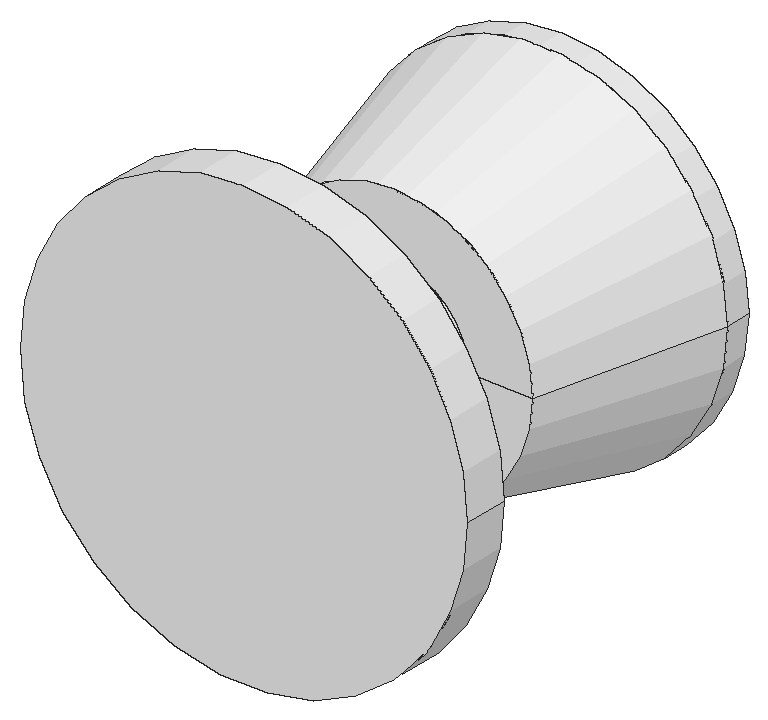
Revit family "M_Maçaneta residencial", category Portas, Revit 2019
Family settings
  Com base no plano de trabalho = Não
  Sempre na vertical = Sim
  Corte com vazios quando carregada = Não
  Compartilhado = Não
  Ponto de cálculo do ambiente = Não
Parameters (values of type "Padrão")
  Manufacturer = ""
  Material = Alumín. 1
  Handle Z Distance = 0 mm
  Handle X Distance = 65 mm
  Construção analítica = "<Nenhum>"
Reference planes
  plane 1 "Centro (Frente/Trás)": y = 0
  plane 2: z = 0
  plane 3 "Centro (Esquerda/Direita)": x = 0
  plane 4: z = 0
  plane 5: x = 65
Forms (mm)
  Extrusion 1, solid, material "Alumín. 1" <- "Material"
    sketch origin (0, 0, 0) x (1, 0, 0) y (0, 0, 1)
      loop
        circle (65, 0) r 30
    from 0 to -6
  Revolve 2, solid, material "Alumín. 1" <- "Material"
    sketch origin (0, 0, 0) x (0, -1, 0) y (1, 0, 0)
      loop
        line (-25, 55) -> (-6, 55) -> (-6, 65) -> (-55, 65) -> (-55, 44.524) -> (-53.172, 40) -> (-49.708, 40) -> (-25, 46.364) -> (-25, 55)
      axis (-6, 65) -> (-55, 65)
    angle from 0 to 360
Dimensions and locks
  "Handle Z Distance": plane 4 to level
  "Handle X Distance": plane 5 to plane 3 "Centro (Esquerda/Direita)"
Automatic sketch dimensions
  Extrusion 1 sketch curve to plane 4 = 0 mm
  Extrusion 1 sketch curve to plane 5 = 0 mm
  Revolve 2 sketch curve to plane 5 = 0 mm  (x2)
  Revolve 2 sketch curve to plane 1 "Centro (Frente/Trás)" = 66 mm
  Revolve 2 sketch curve to Revolve 2 sketch curve = 11 mm
  Revolve 2 sketch curve to Revolve 2 sketch curve = 1.828 mm
  Revolve 2 sketch curve to Revolve 2 sketch curve = 3.464 mm
  Revolve 2 sketch curve to plane 1 "Centro (Frente/Trás)" = 25 mm
  Revolve 2 sketch curve to plane 1 "Centro (Frente/Trás)" = 6 mm
  Revolve 2 sketch curve to Revolve 2 sketch curve = 0 mm
  Revolve 2 sketch curve to Revolve 2 sketch curve = 10 mm
  Revolve 2 sketch curve to Revolve 2 sketch curve = 8.636 mm
  Revolve 2 sketch curve to Revolve 2 sketch curve = 20.476 mm
  Revolve 2 sketch curve to Revolve 2 sketch curve = 4.524 mm
  radius of Extrusion 1 sketch curve = 30 mm
